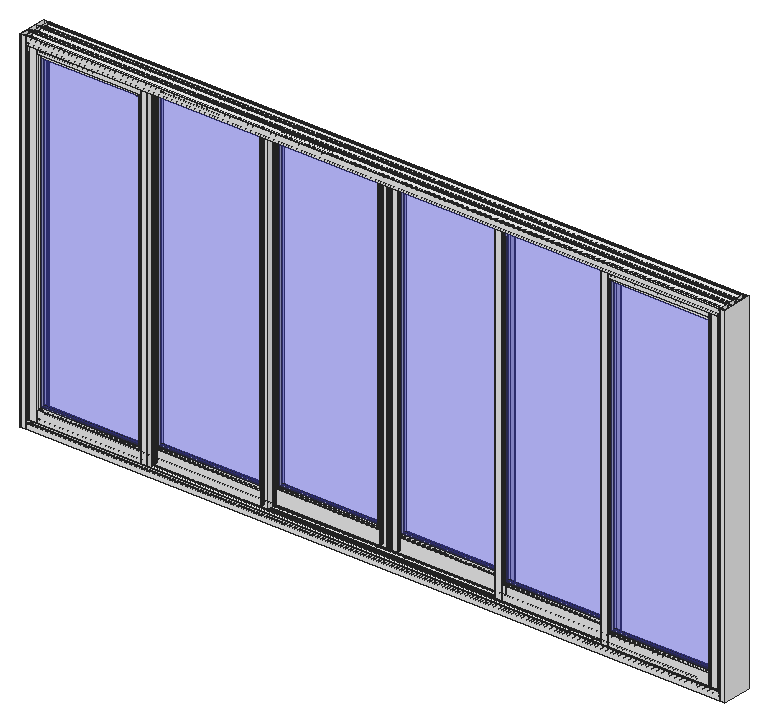
Revit family "Crealco Palace OXXXXO", category Doors, host Wall, Revit 2016
Family settings
  Host = Wall
  OmniClass Number = 23.30.20.00
  OmniClass Title = Windows
  Always vertical = Yes
  Cut with Voids When Loaded = No
  Shared = No
  Room Calculation Point = No
Parameters (values of type "4190 x 2090mm (Palace-4221OXXXXO)")
  f [instance] = if(L > 411.5 mm, L / 240 mm + 0.6, L / 175 mm)  # 1.1943
  b [instance] = Sash Width  # 714.033 mm
  a [instance] = Sash Width  # 714.033 mm
  Standard Interlock Ix = 25.866  # constant formula
  Standard Interlock [instance] = if(Ix < Standard Interlock Ix, 1 = 1, 1 = 0)  # yes
  Standard Astragal Ix = 25.113  # constant formula
  Standard Astragal [instance] = if(Ix < Standard Astragal Ix, 1 = 1, 1 = 0)  # yes
  Single Glazing [instance] = if(not(Glazing Thickness > 12 mm), 1 = 1, 1 = 0)  # no
  Sash Width [instance] = ((Width - Sash Side Gap) / 6) + 21.2 mm  # 714.033 mm
  Sash Top Gap = 28 mm  # constant formula
  Sash Side Gap = 33 mm  # constant formula
  Sash Middle Side Gap [instance] = Sash Side Gap + Sash Width - 40 mm  # 707.033 mm
  Sash Height [instance] = Height - Sash Top Gap - Sash Bottom Gap  # 2031 mm
  Sash Front Side Gap [instance] = Sash Side Gap + (2 * Sash Width) - (2 * 40 mm)  # 1381.067 mm
  Sash Bottom Gap = 31 mm  # constant formula
  Heavy Duty Interlock [instance] = not(Standard Interlock)  # no
  Heavy Duty Astragal [instance] = not(Standard Astragal)  # no
  Double Glazing [instance] = not(Single Glazing)  # yes
  Door Width [instance] = 4190 mm
  Door Height [instance] = 2090 mm
  Wind Load [instance] = 1000
  Width [instance] = if(Standard Size, Standard Width, if(Enforce Size Limitations, if(Door Width > Limit Window Width Max, Limit Window Width Max, if(Door Width < Limit Window Width Min, Limit Window Width Min, Door Width)), Door Width))  # 4190 mm
  Wall Thickness [instance] = 200 mm
  W [instance] = Design Wind Load  # 1000
  URL = "https://www.crealco.co.za/crealco-products.php"
  Type Comments = "Palace-4221OXXXXO"
  Standard Width = 4190 mm
  Standard Size = yes
  Standard Height = 2090 mm
  Show Opening Lines [instance] = yes
  Show Inertia Warnings [instance] = yes
  Q_RHS [instance] = W * A_RHS  # 618.7039
  Q_LHS [instance] = W * A_LHS  # 618.7039
  Model = "Palace"  # constant formula
  Min Wind Load = 0  # constant formula
  Max Wind Load = 10000  # constant formula
  Manufacturer = "Crealco"  # constant formula
  Limit Window Width Min = (6 * (Limit Sash Width Min - 21.2 mm)) + (Sash Side Gap)  # 1705.8 mm
  Limit Window Width Max = (6 * (Limit Sash Width Max - 21.2 mm)) + (Sash Side Gap)  # 8905.8 mm
  Limit Window Height Min = Limit Sash Height Min + Sash Top Gap + Sash Bottom Gap  # 359 mm
  Limit Window Height Max = Limit Sash Height Max + Sash Top Gap + Sash Bottom Gap  # 2459 mm
  Limit Sash Width Min = 300 mm  # constant formula
  Limit Sash Width Max = 1500 mm  # constant formula
  Limit Sash Height Min = 300 mm  # constant formula
  Limit Sash Height Max = 2400 mm  # constant formula
  Limit Glazing Thickness Min = 6.3 mm  # constant formula
  Limit Glazing Thickness Max = 25 mm  # constant formula
  L [instance] = Height / 10  # 209 mm
  Ix_RHS [instance] = if((b / 10) < L, (((Q_RHS * (L ^ 4)) / (1920.00 m³ * (L - C_RHS) * E * f)) * (25 - 40 * (C_RHS ^ 2) / (L ^ 2) + 16 * (C_RHS ^ 4) / (L ^ 4))) * (10 * 10 ^ 8), ((Q_RHS * L ^ 3) / (60.00 m³ * E * f)) * (10 * 10 ^ 8))  # 10.1202
  Ix_LHS [instance] = if((a / 10) < L, (((Q_LHS * (L ^ 4)) / (1920.00 m³ * (L - C_LHS) * E * f)) * (25 - 40 * (C_LHS ^ 2) / (L ^ 2) + 16 * (C_LHS ^ 4) / (L ^ 4))) * (10 * 10 ^ 8), ((Q_LHS * L ^ 3) / (60.00 m³ * E * f)) * (10 * 10 ^ 8))  # 10.1202
  Ix [instance] = Ix_LHS + Ix_RHS  # 20.2404
  Height [instance] = if(Standard Size, Standard Height, if(Enforce Size Limitations, if(Door Height > Limit Window Height Max, Limit Window Height Max, if(Door Height < Limit Window Height Min, Limit Window Height Min, Door Height)), Door Height))  # 2090 mm
  Glazing Thickness [instance] = 20 mm
  Glazing Finish [instance] = Glass
  Frame Offset From Exterior [instance] = 30 mm
  Frame Offset [instance] = if(Frame Centered In Wall, Wall Thickness / 2, Frame Offset From Exterior + 14 mm)  # 100 mm
  Frame Centered In Wall [instance] = yes
  Enforce Size Limitations [instance] = yes
  E [instance] = 7 * (10 ^ 6)  # 7000000
  Design Wind Load [instance] = if(Wind Load < Min Wind Load, Min Wind Load, if(Wind Load > Max Wind Load, Max Wind Load, Wind Load))  # 1000
  Design Glazing Thickness [instance] = if(Glazing Thickness < Limit Glazing Thickness Min, Limit Glazing Thickness Min, if(Glazing Thickness > Limit Glazing Thickness Max, Limit Glazing Thickness Max, Glazing Thickness))  # 20 mm
  Description = "High Performance Sliding Door"  # constant formula
  Default Sill Height = 0 mm  # constant formula
  Wall Closure = By host
  C_RHS [instance] = b / 20  # 35.702 mm
  C_LHS [instance] = a / 20  # 35.702 mm
  Aluminium Finish [instance] = White Powder Coated Aluminium ANP 1052
  A_RHS [instance] = (if((b / 10) < L, L * C_RHS - (C_RHS ^ 2), 0.5 * L * C_RHS)) / 0.01 m²  # 0.6187
  A_LHS [instance] = (if((a / 10) < L, L * C_LHS - (C_LHS ^ 2), 0.5 * L * C_LHS)) / 0.01 m²  # 0.6187
Reference planes
  plane 1 "Center (Front/Back)": y = 0
  plane 2 "Center (Left/Right)": x = 0
  plane 3 "Left": x = -2095
  plane 4 "Right": x = 2095
  plane 5 "Sill": z = 0
  plane 6 "Head": z = 2090
  plane 7 "Exterior": y = 100
  plane 8 "Interior": y = -100
  plane 9: y = 0
  plane 10: x = 2062
  plane 11: x = -2062
  plane 12: z = 2062
  plane 13: z = 31
  plane 14: x = 1387.967
  plane 15: x = 713.933
  plane 16: x = -1387.967
  plane 17: x = -713.933
Lines and regions (mm)
  Opening 1
    outline origin (3469.517, -100, 0) x (1, 0, 0) y (0, 0, 1)
      loop
        line (-1374.517, 0) -> (-1374.517, 2090) -> (-5564.517, 2090) -> (-5564.517, 0) -> (-1374.517, 0)
Text (mm)
  text "EXTERIOR" at (-1963.203, 1332.353, 0), in view "Ref. Level"
  text "INTERIOR" at (-1981.466, -818.386, 0), in view "Ref. Level"
  text "Exterior" at (0, 923.751, 2943.296), in view "Right"
  text "Exterior" at (0, 1040.484, 2685.409), in view "Left"
Dimensions and locks
  equal spacing: plane 3 "Left", plane 2 "Center (Left/Right)", plane 4 "Right"
  "Width": plane 3 "Left" to plane 4 "Right"
  "Height": plane 5 "Sill" to plane 6 "Head"
  "Default Sill Height": plane 5 "Sill" to level
  locked: plane 7 "Exterior" to host wall at 0
  locked: plane 8 "Interior" to host wall
  "Wall Thickness": host wall to host wall
  "Frame Offset": host wall to plane 9
  "Sash Side Gap": plane 3 "Left" to plane 11
  "Sash Side Gap": plane 10 to plane 4 "Right"
  "Sash Bottom Gap": plane 5 "Sill" to plane 13
  "Sash Top Gap": plane 12 to plane 6 "Head"
  "Sash Middle Side Gap": plane 14 to plane 4 "Right"
  "Sash Front Side Gap": plane 15 to plane 4 "Right"
  "Sash Middle Side Gap": plane 3 "Left" to plane 16
  "Sash Front Side Gap": plane 3 "Left" to plane 17
  aligned and locked: nested 1 to plane 2 "Center (Left/Right)"
  aligned and locked: nested 1 to plane 9
  aligned and locked: level to nested 1
  aligned and locked: plane 10 to nested 2
  aligned and locked: nested 2 to plane 12
  aligned and locked: nested 2 to nested 1
  aligned and locked: plane 14 to nested 3
  aligned and locked: nested 1 to nested 3
  aligned and locked: nested 3 to plane 12
  aligned and locked: nested 4 to plane 12
  aligned and locked: nested 4 to nested 1
  aligned and locked: plane 15 to nested 4
  aligned and locked: nested 5 to plane 11
  aligned and locked: nested 5 to plane 12
  aligned and locked: nested 5 to nested 1
  aligned and locked: nested 6 to plane 16
  aligned and locked: nested 6 to plane 12
  aligned and locked: nested 1 to nested 6
  aligned and locked: nested 7 to plane 17
  aligned and locked: plane 12 to nested 7
  aligned and locked: nested 7 to nested 1
Automatic sketch dimensions
  Opening 1 sketch curve to plane 3 "Left" = 0 mm
  Opening 1 sketch curve to plane 4 "Right" = 0 mm
  Opening 1 sketch curve to plane 5 "Sill" = 0 mm
  Opening 1 sketch curve to plane 6 "Head" = 0 mm
Nested families
  nested 1: "Palace Triple Track Frame" at (0, 0, 0), Frame Height <- "Height", Frame Width <- "Width", Profile Material <- "Aluminium Finish", type "Palace Triple Track Frame"
    with Sill Length 4130 mm, Profile Material White Powder Coated Aluminium ANP 1052, Jamb Length 2090 mm, Jamb Adaptor Length 2021.2 mm, Jamb Adaptor Front Right no, Jamb Adaptor Front Left no, Jamb Adaptor Back Right yes, Jamb Adaptor Back Left yes, Head Length 4130 mm, Frame Width 4190 mm, Frame Height 2090 mm, Floor Track Middle yes, Floor Track Length 4130 mm, Floor Track Front yes
  nested 2: "Palace Sash" at (1704.983, -55, 31), Profile Material <- "Aluminium Finish", Glazing Material <- "Glazing Finish", Glazing Thickness <- "Glazing Thickness", Sash Height <- "Sash Height", Sash Width <- "Sash Width", Double Glazing <- "Double Glazing", Side 1 Interlock 2 <- "Standard Interlock", Side 1 Interlock 2 HD <- "Heavy Duty Interlock", type "Palace Sash"
    with Single Glazing no, Sill Length 614.033 mm, Side 2 Meeting Stile no, Side 2 Jamb yes, Side 2 Interlock 2 HD no, Side 2 Interlock 2 no, Side 2 Interlock 1 HD no, Side 2 Interlock 1 no, Side 2 Astragal HD no, Side 2 Astragal no, Side 1 Meeting Stile no, Side 1 Jamb no, Side 1 Interlock 2 HD no, Side 1 Interlock 2 yes, Side 1 Interlock 1 HD no, Side 1 Interlock 1 no, Side 1 Astragal HD no, Side 1 Astragal no, Sash Width 714.033 mm, Sash Height 2031 mm, Right Sliding no, Profile Material White Powder Coated Aluminium ANP 1052, Left Sliding no, Jamb Length 2031 mm, Head Sill Side 2 Gap 60 mm, Head Sill Side 1 Gap 40 mm, Head Length 614.033 mm, Glazing Width 604.033 mm, Glazing Thickness 20 mm, Glazing Offset 22.2 mm, Glazing Material Glass, Glazing Height 1886 mm, Double Glazing yes, DG Thickness 20 mm
  nested 3: "Palace Sash" at (1030.95, 0, 31), Profile Material <- "Aluminium Finish", Glazing Material <- "Glazing Finish", Glazing Thickness <- "Glazing Thickness", Sash Height <- "Sash Height", Sash Width <- "Sash Width", Double Glazing <- "Double Glazing", Side 1 Interlock 2 <- "Standard Interlock", Side 1 Interlock 2 HD <- "Heavy Duty Interlock", Side 2 Interlock 1 <- "Standard Interlock", Side 2 Interlock 1 HD <- "Heavy Duty Interlock", Left Sliding <- "Show Opening Lines", type "Palace Sash"
    with Single Glazing no, Sill Length 634.033 mm, Side 2 Meeting Stile no, Side 2 Jamb no, Side 2 Interlock 2 HD no, Side 2 Interlock 2 no, Side 2 Interlock 1 HD no, Side 2 Interlock 1 yes, Side 2 Astragal HD no, Side 2 Astragal no, Side 1 Meeting Stile no, Side 1 Jamb no, Side 1 Interlock 2 HD no, Side 1 Interlock 2 yes, Side 1 Interlock 1 HD no, Side 1 Interlock 1 no, Side 1 Astragal HD no, Side 1 Astragal no, Sash Width 714.033 mm, Sash Height 2031 mm, Right Sliding no, Profile Material White Powder Coated Aluminium ANP 1052, Left Sliding yes, Jamb Length 2031 mm, Head Sill Side 2 Gap 40 mm, Head Sill Side 1 Gap 40 mm, Head Length 634.033 mm, Glazing Width 624.033 mm, Glazing Thickness 20 mm, Glazing Offset 22.2 mm, Glazing Material Glass, Glazing Height 1886 mm, Double Glazing yes, DG Thickness 20 mm
  nested 4: "Palace Sash" at (356.917, 55, 31), Profile Material <- "Aluminium Finish", Glazing Material <- "Glazing Finish", Glazing Thickness <- "Glazing Thickness", Sash Height <- "Sash Height", Sash Width <- "Sash Width", Double Glazing <- "Double Glazing", Left Sliding <- "Show Opening Lines", Side 2 Interlock 1 <- "Standard Interlock", Side 2 Interlock 1 HD <- "Heavy Duty Interlock", Side 1 Astragal <- "Standard Astragal", Side 1 Astragal HD <- "Heavy Duty Astragal", type "Palace Sash"
    with Single Glazing no, Sill Length 622.033 mm, Side 2 Meeting Stile no, Side 2 Jamb no, Side 2 Interlock 2 HD no, Side 2 Interlock 2 no, Side 2 Interlock 1 HD no, Side 2 Interlock 1 yes, Side 2 Astragal HD no, Side 2 Astragal no, Side 1 Meeting Stile yes, Side 1 Jamb no, Side 1 Interlock 2 HD no, Side 1 Interlock 2 no, Side 1 Interlock 1 HD no, Side 1 Interlock 1 no, Side 1 Astragal HD no, Side 1 Astragal yes, Sash Width 714.033 mm, Sash Height 2031 mm, Right Sliding no, Profile Material White Powder Coated Aluminium ANP 1052, Left Sliding yes, Jamb Length 2031 mm, Head Sill Side 2 Gap 40 mm, Head Sill Side 1 Gap 52 mm, Head Length 622.033 mm, Glazing Width 612.033 mm, Glazing Thickness 20 mm, Glazing Offset 22.2 mm, Glazing Material Glass, Glazing Height 1886 mm, Double Glazing yes, DG Thickness 20 mm
  nested 5: "Palace Sash" at (-1704.983, -55, 31), Profile Material <- "Aluminium Finish", Glazing Material <- "Glazing Finish", Glazing Thickness <- "Glazing Thickness", Sash Height <- "Sash Height", Sash Width <- "Sash Width", Double Glazing <- "Double Glazing", Side 2 Interlock 2 <- "Standard Interlock", Side 2 Interlock 2 HD <- "Heavy Duty Interlock", type "Palace Sash"
    with Single Glazing no, Sill Length 614.033 mm, Side 2 Meeting Stile no, Side 2 Jamb no, Side 2 Interlock 2 HD no, Side 2 Interlock 2 yes, Side 2 Interlock 1 HD no, Side 2 Interlock 1 no, Side 2 Astragal HD no, Side 2 Astragal no, Side 1 Meeting Stile no, Side 1 Jamb yes, Side 1 Interlock 2 HD no, Side 1 Interlock 2 no, Side 1 Interlock 1 HD no, Side 1 Interlock 1 no, Side 1 Astragal HD no, Side 1 Astragal no, Sash Width 714.033 mm, Sash Height 2031 mm, Right Sliding no, Profile Material White Powder Coated Aluminium ANP 1052, Left Sliding no, Jamb Length 2031 mm, Head Sill Side 2 Gap 40 mm, Head Sill Side 1 Gap 60 mm, Head Length 614.033 mm, Glazing Width 604.033 mm, Glazing Thickness 20 mm, Glazing Offset 22.2 mm, Glazing Material Glass, Glazing Height 1886 mm, Double Glazing yes, DG Thickness 20 mm
  nested 6: "Palace Sash" at (-1030.95, 0, 31), Profile Material <- "Aluminium Finish", Glazing Material <- "Glazing Finish", Glazing Thickness <- "Glazing Thickness", Sash Height <- "Sash Height", Sash Width <- "Sash Width", Double Glazing <- "Double Glazing", Side 1 Interlock 1 <- "Standard Interlock", Side 1 Interlock 1 HD <- "Heavy Duty Interlock", Side 2 Interlock 2 <- "Standard Interlock", Side 2 Interlock 2 HD <- "Heavy Duty Interlock", Right Sliding <- "Show Opening Lines", type "Palace Sash"
    with Single Glazing no, Sill Length 634.033 mm, Side 2 Meeting Stile no, Side 2 Jamb no, Side 2 Interlock 2 HD no, Side 2 Interlock 2 yes, Side 2 Interlock 1 HD no, Side 2 Interlock 1 no, Side 2 Astragal HD no, Side 2 Astragal no, Side 1 Meeting Stile no, Side 1 Jamb no, Side 1 Interlock 2 HD no, Side 1 Interlock 2 no, Side 1 Interlock 1 HD no, Side 1 Interlock 1 yes, Side 1 Astragal HD no, Side 1 Astragal no, Sash Width 714.033 mm, Sash Height 2031 mm, Right Sliding yes, Profile Material White Powder Coated Aluminium ANP 1052, Left Sliding no, Jamb Length 2031 mm, Head Sill Side 2 Gap 40 mm, Head Sill Side 1 Gap 40 mm, Head Length 634.033 mm, Glazing Width 624.033 mm, Glazing Thickness 20 mm, Glazing Offset 22.2 mm, Glazing Material Glass, Glazing Height 1886 mm, Double Glazing yes, DG Thickness 20 mm
  nested 7: "Palace Sash" at (-356.917, 55, 31), Profile Material <- "Aluminium Finish", Glazing Material <- "Glazing Finish", Glazing Thickness <- "Glazing Thickness", Sash Height <- "Sash Height", Sash Width <- "Sash Width", Double Glazing <- "Double Glazing", Side 1 Interlock 1 <- "Standard Interlock", Side 1 Interlock 1 HD <- "Heavy Duty Interlock", Right Sliding <- "Show Opening Lines", type "Palace Sash"
    with Single Glazing no, Sill Length 622.033 mm, Side 2 Meeting Stile yes, Side 2 Jamb no, Side 2 Interlock 2 HD no, Side 2 Interlock 2 no, Side 2 Interlock 1 HD no, Side 2 Interlock 1 no, Side 2 Astragal HD no, Side 2 Astragal no, Side 1 Meeting Stile no, Side 1 Jamb no, Side 1 Interlock 2 HD no, Side 1 Interlock 2 no, Side 1 Interlock 1 HD no, Side 1 Interlock 1 yes, Side 1 Astragal HD no, Side 1 Astragal no, Sash Width 714.033 mm, Sash Height 2031 mm, Right Sliding yes, Profile Material White Powder Coated Aluminium ANP 1052, Left Sliding no, Jamb Length 2031 mm, Head Sill Side 2 Gap 52 mm, Head Sill Side 1 Gap 40 mm, Head Length 622.033 mm, Glazing Width 612.033 mm, Glazing Thickness 20 mm, Glazing Offset 22.2 mm, Glazing Material Glass, Glazing Height 1886 mm, Double Glazing yes, DG Thickness 20 mm
  nested 8: "Palace Double Glazing" at (1997, -44.8, 121), type "Palace Double Glazing"
    with Right Sliding no, Length Arrow Tip 50.852 mm, Length Arrow 167.811 mm, Left Sliding no, Is Sliding no, Glazing Width 604.033 mm, Glazing Thickness DG 4 mm, Glazing Thickness 20 mm, Glazing Material Glass, Glazing Height 1886 mm, Double Glazing Gasket Thickness 12 mm, Double Glazing Gasket Material none, Arrow Tip Length 50.852 mm, Arrow Left Gap 218.111 mm, Arrow Bottom Gap 943 mm
  nested 9: "Palace Double Glazing" at (1342.967, 10.2, 121), type "Palace Double Glazing"
    with Right Sliding yes, Length Arrow Tip 52.872 mm, Length Arrow 174.478 mm, Left Sliding no, Is Sliding yes, Glazing Width 624.033 mm, Glazing Thickness DG 4 mm, Glazing Thickness 20 mm, Glazing Material Glass, Glazing Height 1886 mm, Double Glazing Gasket Thickness 12 mm, Double Glazing Gasket Material none, Arrow Tip Length 52.872 mm, Arrow Left Gap 224.778 mm, Arrow Bottom Gap 943 mm
  nested 10: "Palace Double Glazing" at (668.933, 65.2, 121), type "Palace Double Glazing"
    with Right Sliding yes, Length Arrow Tip 51.66 mm, Length Arrow 170.478 mm, Left Sliding no, Is Sliding yes, Glazing Width 612.033 mm, Glazing Thickness DG 4 mm, Glazing Thickness 20 mm, Glazing Material Glass, Glazing Height 1886 mm, Double Glazing Gasket Thickness 12 mm, Double Glazing Gasket Material none, Arrow Tip Length 51.66 mm, Arrow Left Gap 220.778 mm, Arrow Bottom Gap 943 mm
  nested 11: "Palace Double Glazing" at (-1392.967, -44.8, 121), type "Palace Double Glazing"
    with Right Sliding no, Length Arrow Tip 50.852 mm, Length Arrow 167.811 mm, Left Sliding no, Is Sliding no, Glazing Width 604.033 mm, Glazing Thickness DG 4 mm, Glazing Thickness 20 mm, Glazing Material Glass, Glazing Height 1886 mm, Double Glazing Gasket Thickness 12 mm, Double Glazing Gasket Material none, Arrow Tip Length 50.852 mm, Arrow Left Gap 218.111 mm, Arrow Bottom Gap 943 mm
  nested 12: "Palace Double Glazing" at (-718.933, 10.2, 121), type "Palace Double Glazing"
    with Right Sliding no, Length Arrow Tip 52.872 mm, Length Arrow 174.478 mm, Left Sliding yes, Is Sliding yes, Glazing Width 624.033 mm, Glazing Thickness DG 4 mm, Glazing Thickness 20 mm, Glazing Material Glass, Glazing Height 1886 mm, Double Glazing Gasket Thickness 12 mm, Double Glazing Gasket Material none, Arrow Tip Length 52.872 mm, Arrow Left Gap 224.778 mm, Arrow Bottom Gap 943 mm
  nested 13: "Palace Double Glazing" at (-56.9, 65.2, 121), type "Palace Double Glazing"
    with Right Sliding no, Length Arrow Tip 51.66 mm, Length Arrow 170.478 mm, Left Sliding yes, Is Sliding yes, Glazing Width 612.033 mm, Glazing Thickness DG 4 mm, Glazing Thickness 20 mm, Glazing Material Glass, Glazing Height 1886 mm, Double Glazing Gasket Thickness 12 mm, Double Glazing Gasket Material none, Arrow Tip Length 51.66 mm, Arrow Left Gap 220.778 mm, Arrow Bottom Gap 943 mm
Definition of nested family "Palace Triple Track Frame"
  Parameters (values of type "Palace Triple Track Frame")
    Sill Length [instance] = Frame Width - (2 * Head Sill Side Gap)  # 940 mm
    Sash Offset = 55 mm  # constant formula
    Profile Material [instance] = none
    Jamb Adaptor Length [instance] = Frame Height - Head Thickness - 23.8 mm  # 931.2 mm
    Sill Thickness = 50 mm  # constant formula
    Jamb Adaptor Front Right [instance] = yes
    Jamb Adaptor Front Left [instance] = yes
    Jamb Adaptor Back Right [instance] = yes
    Jamb Adaptor Back Left [instance] = yes
    Head Thickness = 45 mm  # constant formula
    Head Sill Side Gap = 30 mm  # constant formula
    Jamb Length [instance] = Frame Height  # 1000 mm
    Head Length [instance] = Frame Width - (2 * Head Sill Side Gap)  # 940 mm
    Frame Width [instance] = 1000 mm
    Frame Height [instance] = 1000 mm
    Floor Track Middle [instance] = yes
    Floor Track Length [instance] = Frame Width - (2 * Head Sill Side Gap)  # 940 mm
    Floor Track Front [instance] = yes
  Reference planes
    plane 1 "Center (Front/Back)": y = 0
    plane 2: z = 0
    plane 3 "Center (Left/Right)": x = 0
    plane 4: x = -500
    plane 5: x = 500
    plane 6: z = 1000
    plane 7: z = 500
    plane 8: x = -470
    plane 9: x = 470
    plane 10: y = 55
    plane 11: y = -55
    plane 12: z = 955
    plane 13: z = 50
  Dimensions and locks
    equal spacing: plane 4, plane 3 "Center (Left/Right)", plane 5
    "Frame Width": plane 4 to plane 5
    equal spacing: plane 6, plane 7, level
    "Frame Height": plane 6 to level
    "Head Sill Side Gap": plane 9 to plane 5
    "Head Sill Side Gap": plane 4 to plane 8
    "Sash Offset": plane 11 to plane 1 "Center (Front/Back)"
    "Sash Offset": plane 1 "Center (Front/Back)" to plane 10
    "Head Thickness": plane 12 to plane 6
    "Sill Thickness": plane 13 to level
    aligned and locked: level to plane 2
    aligned and locked: plane 8 to nested 1
    aligned and locked: nested 1 to plane 6
    aligned and locked: plane 1 "Center (Front/Back)" to nested 1
    aligned and locked: plane 8 to nested 2
    aligned and locked: plane 1 "Center (Front/Back)" to nested 2
    aligned and locked: plane 2 to nested 2
    aligned and locked: nested 4 to plane 5
    aligned and locked: nested 3 to plane 4
    aligned and locked: nested 3 to plane 2
    aligned and locked: nested 4 to plane 2
    aligned and locked: plane 1 "Center (Front/Back)" to nested 3
    aligned and locked: nested 4 to plane 1 "Center (Front/Back)"
    aligned and locked: plane 8 to nested 5
    aligned and locked: nested 6 to plane 9
    aligned and locked: plane 12 to nested 5
    aligned and locked: plane 12 to nested 6
    aligned and locked: nested 5 to plane 10
    aligned and locked: nested 6 to plane 10
    aligned and locked: plane 1 "Center (Front/Back)" to nested 7
    aligned and locked: nested 7 to nested 2
    aligned and locked: nested 8 to nested 2
    aligned and locked: plane 8 to nested 8
    aligned and locked: plane 8 to nested 7
    aligned and locked: plane 8 to nested 10
    aligned and locked: nested 9 to plane 9
    aligned and locked: plane 12 to nested 9
    aligned and locked: plane 12 to nested 10
    aligned and locked: nested 9 to plane 11
    aligned and locked: nested 10 to plane 11
  Nested families
    nested 1: "Palace Triple Track Head" at (-470, 0, -1.436), Profile Material <- "Profile Material", Head Length <- "Head Length", type "Palace Triple Track Head"
      with Profile Material none, Head Length 940 mm
    nested 2: "Palace Triple Track Sill" at (-470, 0, 0), Profile Material <- "Profile Material", Sill Length <- "Sill Length", type "Palace Triple Track Sill"
      with Sill Length 940 mm, Profile Material none
    nested 3: "Palace Triple Track Jamb" at (-484.5, 0, 0), Profile Material <- "Profile Material", Jamb Length <- "Jamb Length", type "Palace Triple Track Jamb"
      with Profile Material none, Jamb Length 1000 mm
    nested 4: "Palace Triple Track Jamb" at (484.5, 0, 0) x (-1, 0, 0) z (0, 0, 1), Profile Material <- "Profile Material", Jamb Length <- "Jamb Length", type "Palace Triple Track Jamb"
      with Profile Material none, Jamb Length 1000 mm
    nested 5: "Palace Jamb Adpator" at (-470, 24.5, 23.8), Profile Material <- "Profile Material", Jamb Adaptor Length <- "Jamb Adaptor Length", visible <- "Jamb Adaptor Front Right", type "Palace Jamb Adpator"
      with Profile Material none, Jamb Adaptor Length 931.2 mm
    nested 6: "Palace Jamb Adpator" at (470, 85.5, 23.8) x (-1, 0, 0) z (0, 0, 1), Profile Material <- "Profile Material", Jamb Adaptor Length <- "Jamb Adaptor Length", visible <- "Jamb Adaptor Front Left", type "Palace Jamb Adpator"
      with Profile Material none, Jamb Adaptor Length 931.2 mm
    nested 7: "Palace Floor Track" at (-470, 0, 16.444), Profile Material <- "Profile Material", Length Floor Track <- "Floor Track Length", visible <- "Floor Track Middle", type "Palace Floor Track"
      with Profile Material none, Length Floor Track 940 mm
    nested 8: "Palace Floor Track" at (-470, 55, 16.444), Profile Material <- "Profile Material", Length Floor Track <- "Floor Track Length", visible <- "Floor Track Front", type "Palace Floor Track"
      with Profile Material none, Length Floor Track 940 mm
    nested 9: "Palace Jamb Adpator Cutout 1" at (470, -24.5, 23.8) x (-1, 0, 0) z (0, 0, 1), Jamb Adaptor Length <- "Jamb Adaptor Length", Profile Material <- "Profile Material", visible <- "Jamb Adaptor Back Left", type "Palace Jamb Adpator Cutout 1"
      with Profile Material none, Jamb Adaptor Length 931.2 mm
    nested 10: "Palace Jamb Adpator Cutout 2" at (-470, -85.5, 23.8), visible <- "Jamb Adaptor Back Right", Profile Material <- "Profile Material", Jamb Adaptor Length <- "Jamb Adaptor Length", type "Palace Jamb Adpator Cutout 2"
      with Profile Material none, Jamb Adaptor Length 931.2 mm
  Definition of nested family "Palace Triple Track Head"
    Parameters (values of type "Palace Triple Track Head")
      Profile Material [instance] = none
      Head Thickness = 45 mm  # constant formula
      Head Length [instance] = 250 mm
      Head Depth = 171 mm  # constant formula
    Reference planes
      plane 1 "Center (Front/Back)": y = 0
      plane 2: z = 0
      plane 3 "Center (Left/Right)": x = 0
      plane 4: y = -85.5
      plane 5: y = 85.5
      plane 6: z = 1001.436
      plane 7: z = 956.436
      plane 8: z = 978.936
      plane 9: x = 250
    Forms (mm)
      Extrusion 1, solid, material <- "Profile Material"
        sketch origin (0, 0, 0) x (0, 1, 0) y (0, 0, 1)
          loop
            arc (30.217, 1000.036) -> (30.137, 1000.984) -> (29.3, 1001.436) r 1
            line (29.3, 1001.436) -> (27.5, 1001.436) -> (25.7, 1001.436)
            arc (25.7, 1001.436) -> (24.863, 1000.984) -> (24.783, 1000.036) r 1
            line (24.783, 1000.036) -> (26.7, 1000.036) -> (26.7, 993.236) -> (-26.7, 993.236) -> (-26.7, 1000.036) -> (-24.783, 1000.036)
            arc (-24.783, 1000.036) -> (-24.863, 1000.984) -> (-25.7, 1001.436) r 1
            line (-25.7, 1001.436) -> (-29.3, 1001.436)
            arc (-29.3, 1001.436) -> (-30.137, 1000.984) -> (-30.217, 1000.036) r 1
            line (-30.217, 1000.036) -> (-28.3, 1000.036) -> (-28.3, 993.236) -> (-83.3, 993.236)
            arc (-83.3, 993.236) -> (-83.724, 993.412) -> (-83.9, 993.836) r 0.6
            line (-83.9, 993.836) -> (-83.9, 999.436)
            arc (-83.9, 999.436) -> (-83.724, 999.86) -> (-83.3, 1000.036) r 0.6
            line (-83.3, 1000.036) -> (-79.783, 1000.036)
            arc (-79.783, 1000.036) -> (-79.863, 1000.984) -> (-80.7, 1001.436) r 1
            line (-80.7, 1001.436) -> (-85.5, 1001.436) -> (-85.5, 956.436) -> (-79.7, 956.436) -> (-79.7, 958.686)
            arc (-79.7, 958.686) -> (-80.2, 959.186) -> (-80.7, 958.686) r 0.5
            line (-80.7, 958.686) -> (-80.7, 957.686) -> (-81.9, 957.686) -> (-81.9, 959.186) -> (-83.5, 959.186) -> (-83.5, 963.686) -> (-81.9, 963.686) -> (-81.9, 965.186) -> (-80.7, 965.186) -> (-80.7, 964.186)
            arc (-80.7, 964.186) -> (-80.2, 963.686) -> (-79.7, 964.186) r 0.5
            line (-79.7, 964.186) -> (-79.7, 966.436) -> (-83.7, 966.436) -> (-83.7, 991.436) -> (-57.993, 991.436)
            arc (-57.993, 991.436) -> (-58.583, 989.091) -> (-57.557, 986.902) r 3.6
            arc (-57.557, 986.902) -> (-56.496, 986.897) -> (-56.492, 987.958) r 0.75
            arc (-56.492, 987.958) -> (-55, 991.536) -> (-53.508, 987.958) r 2.1
            arc (-53.508, 987.958) -> (-53.504, 986.897) -> (-52.443, 986.902) r 0.75
            arc (-52.443, 986.902) -> (-51.417, 989.091) -> (-52.007, 991.436) r 3.6
            line (-52.007, 991.436) -> (-28.4, 991.436) -> (-28.4, 966.436) -> (-30.3, 966.436) -> (-30.3, 964.186)
            arc (-30.3, 964.186) -> (-29.8, 963.686) -> (-29.3, 964.186) r 0.5
            line (-29.3, 964.186) -> (-29.3, 965.186) -> (-28.1, 965.186) -> (-28.1, 957.686) -> (-29.3, 957.686) -> (-29.3, 958.686)
            arc (-29.3, 958.686) -> (-29.8, 959.186) -> (-30.3, 958.686) r 0.5
            line (-30.3, 958.686) -> (-30.3, 956.436) -> (-24.7, 956.436) -> (-24.7, 958.686)
            arc (-24.7, 958.686) -> (-25.2, 959.186) -> (-25.7, 958.686) r 0.5
            line (-25.7, 958.686) -> (-25.7, 957.686) -> (-26.9, 957.686) -> (-26.9, 965.186) -> (-25.7, 965.186) -> (-25.7, 964.186)
            arc (-25.7, 964.186) -> (-25.2, 963.686) -> (-24.7, 964.186) r 0.5
            line (-24.7, 964.186) -> (-24.7, 966.436) -> (-26.6, 966.436) -> (-26.6, 991.436) -> (-2.993, 991.436)
            arc (-2.993, 991.436) -> (-3.583, 989.091) -> (-2.557, 986.902) r 3.6
            arc (-2.557, 986.902) -> (-1.496, 986.897) -> (-1.492, 987.958) r 0.75
            arc (-1.492, 987.958) -> (-1.929, 990.265) -> (0.045, 991.536) r 2.1
            arc (0.045, 991.536) -> (1.947, 990.223) -> (1.492, 987.958) r 2.1
            arc (1.492, 987.958) -> (1.496, 986.897) -> (2.557, 986.902) r 0.75
            arc (2.557, 986.902) -> (3.583, 989.091) -> (2.993, 991.436) r 3.6
            line (2.993, 991.436) -> (26.6, 991.436) -> (26.6, 966.436) -> (24.7, 966.436) -> (24.7, 964.186)
            arc (24.7, 964.186) -> (25.2, 963.686) -> (25.7, 964.186) r 0.5
            line (25.7, 964.186) -> (25.7, 965.186) -> (26.9, 965.186) -> (26.9, 957.686) -> (25.7, 957.686) -> (25.7, 958.686)
            arc (25.7, 958.686) -> (25.2, 959.186) -> (24.7, 958.686) r 0.5
            line (24.7, 958.686) -> (24.7, 956.436) -> (30.3, 956.436) -> (30.3, 958.686)
            arc (30.3, 958.686) -> (29.8, 959.186) -> (29.3, 958.686) r 0.5
            line (29.3, 958.686) -> (29.3, 957.686) -> (28.1, 957.686) -> (28.1, 965.186) -> (29.3, 965.186) -> (29.3, 964.186)
            arc (29.3, 964.186) -> (29.8, 963.686) -> (30.3, 964.186) r 0.5
            line (30.3, 964.186) -> (30.3, 966.436) -> (28.4, 966.436) -> (28.4, 991.436) -> (52.007, 991.436)
            arc (52.007, 991.436) -> (51.417, 989.091) -> (52.443, 986.902) r 3.6
            arc (52.443, 986.902) -> (53.504, 986.897) -> (53.508, 987.958) r 0.75
            arc (53.508, 987.958) -> (53.02, 990.136) -> (54.768, 991.523) r 2.1
            arc (54.768, 991.523) -> (56.891, 990.35) -> (56.492, 987.958) r 2.1
            arc (56.492, 987.958) -> (56.496, 986.897) -> (57.557, 986.902) r 0.75
            arc (57.557, 986.902) -> (58.583, 989.091) -> (57.993, 991.436) r 3.6
            line (57.993, 991.436) -> (83.7, 991.436) -> (83.7, 966.436) -> (79.7, 966.436) -> (79.7, 964.186)
            arc (79.7, 964.186) -> (80.2, 963.686) -> (80.7, 964.186) r 0.5
            line (80.7, 964.186) -> (80.7, 965.186) -> (81.9, 965.186) -> (81.9, 963.686) -> (83.5, 963.686) -> (83.5, 959.186) -> (81.9, 959.186) -> (81.9, 957.686) -> (80.7, 957.686) -> (80.7, 958.686)
            arc (80.7, 958.686) -> (80.2, 959.186) -> (79.7, 958.686) r 0.5
            line (79.7, 958.686) -> (79.7, 956.436) -> (85.5, 956.436) -> (85.5, 1001.436) -> (80.7, 1001.436)
            arc (80.7, 1001.436) -> (79.863, 1000.984) -> (79.783, 1000.036) r 1
            line (79.783, 1000.036) -> (83.3, 1000.036)
            arc (83.3, 1000.036) -> (83.724, 999.86) -> (83.9, 999.436) r 0.6
            line (83.9, 999.436) -> (83.9, 993.836)
            arc (83.9, 993.836) -> (83.724, 993.412) -> (83.3, 993.236) r 0.6
            line (83.3, 993.236) -> (28.3, 993.236) -> (28.3, 1000.036) -> (30.217, 1000.036)
        from 0 to 250 <- "Head Length"
    Dimensions and locks
      equal spacing: plane 4, plane 1 "Center (Front/Back)", plane 5
      "Head Depth": plane 4 to plane 5
      equal spacing: plane 6, plane 8, plane 7
      "Head Thickness": plane 6 to plane 7
      "Head Length": plane 3 "Center (Left/Right)" to plane 9
      aligned and locked: level to plane 2
    Automatic sketch dimensions
      Extrusion 1 sketch curve to Extrusion 1 sketch curve = 0 mm  (x51)
      plane 7 to Extrusion 1 sketch curve = 0 mm  (x3)
      Extrusion 1 sketch curve to plane 4 = 0 mm
      Extrusion 1 sketch curve to Extrusion 1 sketch curve = 1.6 mm  (x6)
      Extrusion 1 sketch curve to Extrusion 1 sketch curve = 0.2 mm
      Extrusion 1 sketch curve to Extrusion 1 sketch curve = 2 mm  (x2)
      Extrusion 1 sketch curve to Extrusion 1 sketch curve = 0.6 mm  (x2)
      Extrusion 1 sketch curve to plane 6 = 7.6 mm  (x2)
      Extrusion 1 sketch curve to Extrusion 1 sketch curve = 2.6 mm  (x2)
      Extrusion 1 sketch curve to Extrusion 1 sketch curve = 1.2 mm  (x11)
      Extrusion 1 sketch curve to Extrusion 1 sketch curve = 0.5 mm  (x16)
      Extrusion 1 sketch curve to Extrusion 1 sketch curve = 0.917 mm  (x5)
      Extrusion 1 sketch curve to plane 6 = 10 mm  (x5)
      Extrusion 1 sketch curve to Extrusion 1 sketch curve = 21.79 mm  (x3)
      Extrusion 1 sketch curve to Extrusion 1 sketch curve = 0.969 mm  (x2)
      Extrusion 1 sketch curve to Extrusion 1 sketch curve = 2.024 mm  (x4)
      Extrusion 1 sketch curve to Extrusion 1 sketch curve = 2.993 mm  (x2)
      plane 1 "Center (Front/Back)" to Extrusion 1 sketch curve = 30.3 mm  (x2)
      plane 1 "Center (Front/Back)" to Extrusion 1 sketch curve = 30.217 mm
      plane 1 "Center (Front/Back)" to Extrusion 1 sketch curve = 29.3 mm
      plane 1 "Center (Front/Back)" to Extrusion 1 sketch curve = 28.4 mm
      plane 1 "Center (Front/Back)" to Extrusion 1 sketch curve = 28.3 mm
      plane 1 "Center (Front/Back)" to Extrusion 1 sketch curve = 28.1 mm
      Extrusion 1 sketch curve to Extrusion 1 sketch curve = 1.8 mm  (x3)
      Extrusion 1 sketch curve to Extrusion 1 sketch curve = 1 mm  (x13)
      plane 5 to Extrusion 1 sketch curve = 60.8 mm
      Extrusion 1 sketch curve to plane 6 = 1.4 mm  (x3)
      Extrusion 1 sketch curve to Extrusion 1 sketch curve = 1.817 mm
      Extrusion 1 sketch curve to Extrusion 1 sketch curve = 0.8 mm
      plane 5 to Extrusion 1 sketch curve = 33.493 mm
      plane 5 to Extrusion 1 sketch curve = 32.524 mm
      plane 5 to Extrusion 1 sketch curve = 30.5 mm
      plane 5 to Extrusion 1 sketch curve = 28.476 mm
      plane 5 to Extrusion 1 sketch curve = 27.507 mm
      plane 7 to Extrusion 1 sketch curve = 2.25 mm
      plane 5 to Extrusion 1 sketch curve = 5.8 mm
      plane 5 to Extrusion 1 sketch curve = 5.717 mm
      Extrusion 1 sketch curve to plane 6 = 8.2 mm  (x2)
      Extrusion 1 sketch curve to Extrusion 1 sketch curve = 2.25 mm
      Extrusion 1 sketch curve to Extrusion 1 sketch curve = 1.25 mm  (x10)
      Extrusion 1 sketch curve to Extrusion 1 sketch curve = 4.5 mm  (x2)
      Extrusion 1 sketch curve to Extrusion 1 sketch curve = 5.5 mm  (x2)
      Extrusion 1 sketch curve to Extrusion 1 sketch curve = 1.5 mm  (x2)
      Extrusion 1 sketch curve to Extrusion 1 sketch curve = 4.006 mm  (x2)
      Extrusion 1 sketch curve to plane 6 = 14.006 mm
      Extrusion 1 sketch curve to Extrusion 1 sketch curve = 2.006 mm  (x3)
      Extrusion 1 sketch curve to plane 6 = 2 mm
      Extrusion 1 sketch curve to Extrusion 1 sketch curve = 0.4 mm  (x4)
      Extrusion 1 sketch curve to Extrusion 1 sketch curve = 0.045 mm
      Extrusion 1 sketch curve to Extrusion 1 sketch curve = 0.232 mm
  Definition of nested family "Palace Triple Track Sill"
    Parameters (values of type "Palace Triple Track Sill")
      Sill Thickness = 50 mm  # constant formula
      Sill Length [instance] = 250 mm
      Sill Depth = 171 mm  # constant formula
      Profile Material [instance] = none
    Reference planes
      plane 1 "Center (Front/Back)": y = 0
      plane 2: z = 0
      plane 3 "Center (Left/Right)": x = 0
      plane 4: y = -85.5
      plane 5: y = 85.5
      plane 6: z = 50
      plane 7: z = 25
    Forms (mm)
      Extrusion 1, solid, material <- "Profile Material"
        sketch origin (0, 0, 0) x (0, 1, 0) y (0, 0, 1)
          loop
            line (-41.65, 15.744) -> (-43.4, 15.744)
            arc (-43.4, 15.744) -> (-44.194, 15.929) -> (-44.825, 16.444) r 1.8
            line (-44.825, 16.444) -> (-67.65, 16.444)
            arc (-67.65, 16.444) -> (-68.074, 16.62) -> (-68.25, 17.044) r 0.6
            line (-68.25, 17.044) -> (-68.25, 19.405)
            arc (-68.25, 19.405) -> (-69.349, 22.158) -> (-72.041, 23.399) r 4
            line (-72.041, 23.399) -> (-82.752, 23.961)
            arc (-82.752, 23.961) -> (-83.425, 24.271) -> (-83.7, 24.959) r 1
            line (-83.7, 24.959) -> (-83.7, 40) -> (-79.7, 40) -> (-79.7, 42.25)
            arc (-79.7, 42.25) -> (-80.2, 42.75) -> (-80.7, 42.25) r 0.5
            line (-80.7, 42.25) -> (-80.7, 41.25) -> (-81.9, 41.25) -> (-81.9, 42.75) -> (-83.5, 42.75) -> (-83.5, 47.25) -> (-81.9, 47.25) -> (-81.9, 48.75) -> (-80.7, 48.75) -> (-80.7, 47.75)
            arc (-80.7, 47.75) -> (-80.2, 47.25) -> (-79.7, 47.75) r 0.5
            line (-79.7, 47.75) -> (-79.7, 50) -> (-85.5, 50) -> (-85.5, 0) -> (-80.7, 0)
            arc (-80.7, 0) -> (-79.863, 0.452) -> (-79.783, 1.4) r 1
            line (-79.783, 1.4) -> (-83.7, 1.4) -> (-83.7, 21.154)
            arc (-83.7, 21.154) -> (-83.388, 21.88) -> (-82.648, 22.153) r 1
            line (-82.648, 22.153) -> (-72.135, 21.602)
            arc (-72.135, 21.602) -> (-70.654, 20.919) -> (-70.05, 19.405) r 2.2
            line (-70.05, 19.405) -> (-70.05, 16.744)
            arc (-70.05, 16.744) -> (-69.435, 15.259) -> (-67.95, 14.644) r 2.1
            line (-67.95, 14.644) -> (-57.454, 14.644)
            arc (-57.454, 14.644) -> (-58.599, 12.082) -> (-57.557, 9.476) r 3.6
            arc (-57.557, 9.476) -> (-56.496, 9.471) -> (-56.492, 10.532) r 0.75
            arc (-56.492, 10.532) -> (-56.96, 12.764) -> (-55.115, 14.107) r 2.1
            arc (-55.115, 14.107) -> (-53.085, 12.871) -> (-53.508, 10.532) r 2.1
            arc (-53.508, 10.532) -> (-53.504, 9.471) -> (-52.443, 9.476) r 0.75
            arc (-52.443, 9.476) -> (-51.401, 12.082) -> (-52.546, 14.644) r 3.6
            line (-52.546, 14.644) -> (-45.536, 14.644)
            arc (-45.536, 14.644) -> (-44.521, 14.132) -> (-43.4, 13.944) r 3.787
            line (-43.4, 13.944) -> (-41.65, 13.944)
            arc (-41.65, 13.944) -> (-39.444, 14.74) -> (-38.156, 16.699) r 3.711
            arc (-38.156, 16.699) -> (-37.942, 17.02) -> (-37.576, 17.144) r 0.6
            line (-37.576, 17.144) -> (-28.3, 17.144) -> (-28.3, 1.41) -> (-30.217, 1.41)
            arc (-30.217, 1.41) -> (-30.137, 0.462) -> (-29.3, 0.01) r 1
            line (-29.3, 0.01) -> (-25.7, 0.01)
            arc (-25.7, 0.01) -> (-24.863, 0.462) -> (-24.783, 1.41) r 1
            line (-24.783, 1.41) -> (-26.7, 1.41) -> (-26.7, 17.144) -> (-15.643, 17.144)
            arc (-15.643, 17.144) -> (-15.234, 16.984) -> (-15.044, 16.589) r 0.6
            arc (-15.044, 16.589) -> (-14.379, 15.205) -> (-12.95, 14.644) r 2.1
            line (-12.95, 14.644) -> (-2.454, 14.644)
            arc (-2.454, 14.644) -> (-3.599, 12.082) -> (-2.557, 9.476) r 3.6
            arc (-2.557, 9.476) -> (-1.496, 9.471) -> (-1.492, 10.532) r 0.75
            arc (-1.492, 10.532) -> (-1.971, 12.734) -> (-0.179, 14.102) r 2.1
            arc (-0.179, 14.102) -> (1.902, 12.9) -> (1.492, 10.532) r 2.1
            arc (1.492, 10.532) -> (1.496, 9.471) -> (2.557, 9.476) r 0.75
            arc (2.557, 9.476) -> (3.599, 12.082) -> (2.454, 14.644) r 3.6
            line (2.454, 14.644) -> (9.464, 14.644)
            arc (9.464, 14.644) -> (10.479, 14.132) -> (11.6, 13.944) r 3.787
            line (11.6, 13.944) -> (13.35, 13.944)
            arc (13.35, 13.944) -> (15.473, 14.676) -> (16.785, 16.498) r 3.711
            arc (16.785, 16.498) -> (17.016, 16.806) -> (17.386, 16.91) r 0.6
            line (17.386, 16.91) -> (26.7, 16.422) -> (26.7, 1.4) -> (24.783, 1.4)
            arc (24.783, 1.4) -> (24.863, 0.452) -> (25.7, 0) r 1
            line (25.7, 0) -> (29.3, 0)
            arc (29.3, 0) -> (30.137, 0.452) -> (30.217, 1.4) r 1
            line (30.217, 1.4) -> (28.3, 1.4) -> (28.3, 16.339) -> (40.22, 15.714)
            arc (40.22, 15.714) -> (40.99, 14.931) -> (42.05, 14.644) r 2.1
            line (42.05, 14.644) -> (52.546, 14.644)
            arc (52.546, 14.644) -> (51.401, 12.082) -> (52.443, 9.476) r 3.6
            arc (52.443, 9.476) -> (53.504, 9.471) -> (53.508, 10.532) r 0.75
            arc (53.508, 10.532) -> (53.028, 12.732) -> (54.817, 14.102) r 2.1
            arc (54.817, 14.102) -> (56.901, 12.901) -> (56.492, 10.532) r 2.1
            arc (56.492, 10.532) -> (56.496, 9.471) -> (57.557, 9.476) r 0.75
            arc (57.557, 9.476) -> (58.599, 12.082) -> (57.454, 14.644) r 3.6
            line (57.454, 14.644) -> (66.219, 14.644) -> (66.954, 14.313) -> (83.131, 13.465)
            arc (83.131, 13.465) -> (83.535, 13.279) -> (83.7, 12.866) r 0.6
            line (83.7, 12.866) -> (83.7, 1.4) -> (79.783, 1.4)
            arc (79.783, 1.4) -> (79.863, 0.452) -> (80.7, 0) r 1
            line (80.7, 0) -> (85.5, 0) -> (85.5, 12.961)
            arc (85.5, 12.961) -> (84.868, 14.544) -> (83.32, 15.258) r 2.3
            line (83.32, 15.258) -> (68.74, 16.022) -> (67.95, 16.444) -> (42.05, 16.444) -> (41.466, 17.451) -> (13.776, 18.902)
            arc (13.776, 18.902) -> (13.236, 18.513) -> (13.498, 17.9) r 0.532
            line (13.498, 17.9) -> (15.149, 17.609)
            arc (15.149, 17.609) -> (14.646, 16.295) -> (13.35, 15.744) r 1.8
            line (13.35, 15.744) -> (11.6, 15.744)
            arc (11.6, 15.744) -> (10.806, 15.929) -> (10.175, 16.444) r 1.8
            line (10.175, 16.444) -> (-12.65, 16.444)
            arc (-12.65, 16.444) -> (-13.074, 16.62) -> (-13.25, 17.044) r 0.6
            line (-13.25, 17.044) -> (-13.25, 18.344)
            arc (-13.25, 18.344) -> (-13.426, 18.768) -> (-13.85, 18.944) r 0.6
            line (-13.85, 18.944) -> (-41.25, 18.944)
            arc (-41.25, 18.944) -> (-41.787, 18.522) -> (-41.502, 17.9) r 0.552
            line (-41.502, 17.9) -> (-39.851, 17.609)
            arc (-39.851, 17.609) -> (-40.354, 16.295) -> (-41.65, 15.744) r 1.8
        from 0 to 250 <- "Sill Length"
    Dimensions and locks
      equal spacing: plane 4, plane 1 "Center (Front/Back)", plane 5
      equal spacing: plane 6, plane 7, level
      "Sill Thickness": plane 6 to level
      "Sill Depth": plane 4 to plane 5
      aligned and locked: level to plane 2
    Automatic sketch dimensions
      Extrusion 1 sketch curve to Extrusion 1 sketch curve = 0 mm  (x32)
      Extrusion 1 sketch curve to plane 5 = 171 mm
      Extrusion 1 sketch curve to Extrusion 1 sketch curve = 1.8 mm  (x5)
      Extrusion 1 sketch curve to Extrusion 1 sketch curve = 2 mm
      Extrusion 1 sketch curve to plane 6 = 26.039 mm
      Extrusion 1 sketch curve to Extrusion 1 sketch curve = 0.948 mm
      Extrusion 1 sketch curve to Extrusion 1 sketch curve = 1 mm  (x13)
      Extrusion 1 sketch curve to plane 6 = 27.847 mm
      Extrusion 1 sketch curve to Extrusion 1 sketch curve = 0.052 mm
      Extrusion 1 sketch curve to Extrusion 1 sketch curve = 1.6 mm  (x6)
      Extrusion 1 sketch curve to Extrusion 1 sketch curve = 1.2 mm  (x2)
      Extrusion 1 sketch curve to Extrusion 1 sketch curve = 3 mm
      Extrusion 1 sketch curve to Extrusion 1 sketch curve = 0.5 mm  (x4)
      Extrusion 1 sketch curve to Extrusion 1 sketch curve = 0.917 mm  (x6)
      Extrusion 1 sketch curve to Extrusion 1 sketch curve = 10.45 mm
      Extrusion 1 sketch curve to plane 6 = 28.398 mm
      Extrusion 1 sketch curve to Extrusion 1 sketch curve = 0.115 mm  (x2)
      Extrusion 1 sketch curve to plane 6 = 26.601 mm
      Extrusion 1 sketch curve to Extrusion 1 sketch curve = 0.094 mm
      Extrusion 1 sketch curve to Extrusion 1 sketch curve = 2.2 mm
      Extrusion 1 sketch curve to Extrusion 1 sketch curve = 0.3 mm  (x5)
      Extrusion 1 sketch curve to plane 6 = 35.356 mm  (x3)
      Extrusion 1 sketch curve to Extrusion 1 sketch curve = 10.196 mm  (x2)
      Extrusion 1 sketch curve to plane 6 = 39.996 mm  (x6)
      Extrusion 1 sketch curve to Extrusion 1 sketch curve = 0.429 mm  (x3)
      Extrusion 1 sketch curve to plane 6 = 37.99 mm  (x3)
      Extrusion 1 sketch curve to Extrusion 1 sketch curve = 2.024 mm  (x6)
      Extrusion 1 sketch curve to Extrusion 1 sketch curve = 2.454 mm  (x3)
      Extrusion 1 sketch curve to Extrusion 1 sketch curve = 7.011 mm  (x2)
      Extrusion 1 sketch curve to Extrusion 1 sketch curve = 0.711 mm  (x2)
      Extrusion 1 sketch curve to Extrusion 1 sketch curve = 1.425 mm  (x2)
      Extrusion 1 sketch curve to Extrusion 1 sketch curve = 0.058 mm  (x2)
      Extrusion 1 sketch curve to Extrusion 1 sketch curve = 1.75 mm  (x3)
      Extrusion 1 sketch curve to plane 6 = 32.1 mm  (x2)
      Extrusion 1 sketch curve to Extrusion 1 sketch curve = 0.239 mm  (x2)
      Extrusion 1 sketch curve to Extrusion 1 sketch curve = 0.252 mm
      Extrusion 1 sketch curve to plane 6 = 32.391 mm  (x2)
      Extrusion 1 sketch curve to Extrusion 1 sketch curve = 1.399 mm
      Extrusion 1 sketch curve to Extrusion 1 sketch curve = 2.275 mm
      Extrusion 1 sketch curve to Extrusion 1 sketch curve = 7.359 mm
      Extrusion 1 sketch curve to plane 6 = 33.456 mm
      Extrusion 1 sketch curve to Extrusion 1 sketch curve = 11.057 mm
      Extrusion 1 sketch curve to Extrusion 1 sketch curve = 1.793 mm
      Extrusion 1 sketch curve to Extrusion 1 sketch curve = 0.6 mm  (x3)
      Extrusion 1 sketch curve to Extrusion 1 sketch curve = 2.136 mm
      Extrusion 1 sketch curve to Extrusion 1 sketch curve = 0.091 mm
      Extrusion 1 sketch curve to Extrusion 1 sketch curve = 0.25 mm
      Extrusion 1 sketch curve to plane 6 = 31.098 mm
      Extrusion 1 sketch curve to Extrusion 1 sketch curve = 0.028 mm
      Extrusion 1 sketch curve to Extrusion 1 sketch curve = 1.401 mm
      Extrusion 1 sketch curve to Extrusion 1 sketch curve = 2.206 mm
      Extrusion 1 sketch curve to plane 6 = 33.09 mm
      Extrusion 1 sketch curve to Extrusion 1 sketch curve = 0.031 mm  (x2)
      Extrusion 1 sketch curve to Extrusion 1 sketch curve = 7.429 mm
      Extrusion 1 sketch curve to plane 6 = 34.286 mm
      Extrusion 1 sketch curve to Extrusion 1 sketch curve = 11.92 mm
      Extrusion 1 sketch curve to plane 6 = 32.549 mm
      Extrusion 1 sketch curve to Extrusion 1 sketch curve = 1.246 mm
      Extrusion 1 sketch curve to Extrusion 1 sketch curve = 1.83 mm
      Extrusion 1 sketch curve to Extrusion 1 sketch curve = 10.496 mm
      Extrusion 1 sketch curve to Extrusion 1 sketch curve = 8.766 mm
      Extrusion 1 sketch curve to plane 6 = 35.687 mm
      Extrusion 1 sketch curve to Extrusion 1 sketch curve = 0.734 mm
      Extrusion 1 sketch curve to plane 6 = 33.556 mm
      Extrusion 1 sketch curve to Extrusion 1 sketch curve = 0.996 mm
      Extrusion 1 sketch curve to plane 6 = 33.978 mm
      Extrusion 1 sketch curve to Extrusion 1 sketch curve = 0.79 mm
      Extrusion 1 sketch curve to Extrusion 1 sketch curve = 12.83 mm
      Extrusion 1 sketch curve to plane 6 = 37.134 mm
      Extrusion 1 sketch curve to Extrusion 1 sketch curve = 3.317 mm
      Extrusion 1 sketch curve to plane 6 = 36.535 mm
      Extrusion 1 sketch curve to Extrusion 1 sketch curve = 0.1 mm
      Extrusion 1 sketch curve to plane 6 = 34.742 mm
      Extrusion 1 sketch curve to Extrusion 1 sketch curve = 0.189 mm
      Extrusion 1 sketch curve to plane 6 = 50 mm  (x3)
      Extrusion 1 sketch curve to plane 6 = 49.99 mm
      Extrusion 1 sketch curve to plane 6 = 36.056 mm  (x2)
      Extrusion 1 sketch curve to Extrusion 1 sketch curve = 2.634 mm
      Extrusion 1 sketch curve to Extrusion 1 sketch curve = 0.7 mm  (x3)
      Extrusion 1 sketch curve to Extrusion 1 sketch curve = 0.599 mm
      Extrusion 1 sketch curve to plane 6 = 33.661 mm
      Extrusion 1 sketch curve to Extrusion 1 sketch curve = 0.083 mm
      Extrusion 1 sketch curve to Extrusion 1 sketch curve = 1.065 mm
      Extrusion 1 sketch curve to Extrusion 1 sketch curve = 0.109 mm  (x2)
      Extrusion 1 sketch curve to Extrusion 1 sketch curve = 1.3 mm
      Extrusion 1 sketch curve to Extrusion 1 sketch curve = 15.041 mm
      Extrusion 1 sketch curve to Extrusion 1 sketch curve = 1.25 mm
      Extrusion 1 sketch curve to Extrusion 1 sketch curve = 4.5 mm
      Extrusion 1 sketch curve to Extrusion 1 sketch curve = 1.5 mm
      Extrusion 1 sketch curve to Extrusion 1 sketch curve = 2.75 mm
      Extrusion 1 sketch curve to Extrusion 1 sketch curve = 0.179 mm
      Extrusion 1 sketch curve to Extrusion 1 sketch curve = 0.183 mm
  Definition of nested family "Palace Triple Track Jamb"
    Parameters (values of type "Palace Triple Track Jamb")
      Profile Material [instance] = none
      Jamb Thickness = 31 mm  # constant formula
      Jamb Length [instance] = 250 mm
      Jamb Depth = 173 mm  # constant formula
    Reference planes
      plane 1 "Center (Front/Back)": y = 0
      plane 2: z = 0
      plane 3 "Center (Left/Right)": x = 0
      plane 4: x = -15.5
      plane 5: y = -86.5
      plane 6: x = 15.5
      plane 7: y = 86.5
    Forms (mm)
      Extrusion 1, solid, material <- "Profile Material"
        sketch origin (0, 0, 0) x (1, 0, 0) y (0, 1, 0)
          loop
            line (13, -85) -> (13, -78.182) -> (12.5, -76.754) -> (12.5, -33.246) -> (13, -31.818) -> (13, -28.2) -> (-14, -28.2) -> (-14, -85) -> (13, -85)
          loop
            line (13, 28.2) -> (13, 31.818) -> (12.5, 33.246) -> (12.5, 76.754) -> (13, 78.182) -> (13, 85) -> (-14, 85) -> (-14, 28.2) -> (13, 28.2)
          loop
            line (13, -26.8) -> (13, -23.182) -> (12.5, -21.754) -> (12.5, 21.754) -> (13, 23.182) -> (13, 26.8) -> (-14, 26.8) -> (-14, -26.8) -> (13, -26.8)
          loop
            line (15.5, -86.5) -> (15.5, -85.7) -> (14.5, -85.7) -> (14.5, -77.78) -> (14, -76.754) -> (14, -33.237) -> (14.5, -32.227) -> (14.5, -22.769) -> (14, -21.757) -> (14, 21.767) -> (14.5, 22.784) -> (14.5, 32.225) -> (14, 33.24) -> (14, 76.754) -> (14.5, 77.774) -> (14.5, 85.7) -> (15.5, 85.7) -> (15.5, 86.5) -> (-15.5, 86.5) -> (-15.5, -86.5) -> (15.5, -86.5)
        from 0 to 250 <- "Jamb Length"
    Dimensions and locks
      equal spacing: plane 4, plane 3 "Center (Left/Right)", plane 6
      "Jamb Thickness": plane 4 to plane 6
      equal spacing: plane 7, plane 1 "Center (Front/Back)", plane 5
      "Jamb Depth": plane 5 to plane 7
      aligned and locked: level to plane 2
    Automatic sketch dimensions
      plane 6 to Extrusion 1 sketch curve = 31 mm
      Extrusion 1 sketch curve to Extrusion 1 sketch curve = 1.5 mm  (x7)
      Extrusion 1 sketch curve to Extrusion 1 sketch curve = 0 mm  (x8)
      Extrusion 1 sketch curve to Extrusion 1 sketch curve = 26.5 mm
      Extrusion 1 sketch curve to Extrusion 1 sketch curve = 0.5 mm  (x7)
      Extrusion 1 sketch curve to Extrusion 1 sketch curve = 1 mm  (x2)
      Extrusion 1 sketch curve to plane 7 = 173 mm
      Extrusion 1 sketch curve to Extrusion 1 sketch curve = 0.8 mm
      Extrusion 1 sketch curve to Extrusion 1 sketch curve = 6.818 mm  (x2)
      Extrusion 1 sketch curve to Extrusion 1 sketch curve = 0.402 mm
      Extrusion 1 sketch curve to Extrusion 1 sketch curve = 1.027 mm
      Extrusion 1 sketch curve to Extrusion 1 sketch curve = 43.507 mm  (x2)
      Extrusion 1 sketch curve to Extrusion 1 sketch curve = 0.009 mm
      Extrusion 1 sketch curve to Extrusion 1 sketch curve = 1.01 mm
      Extrusion 1 sketch curve to Extrusion 1 sketch curve = 1.429 mm  (x3)
      Extrusion 1 sketch curve to Extrusion 1 sketch curve = 3.618 mm  (x4)
      Extrusion 1 sketch curve to Extrusion 1 sketch curve = 1.4 mm  (x2)
      Extrusion 1 sketch curve to Extrusion 1 sketch curve = 0.413 mm
      Extrusion 1 sketch curve to Extrusion 1 sketch curve = 1.012 mm
      Extrusion 1 sketch curve to Extrusion 1 sketch curve = 0.003 mm
      Extrusion 1 sketch curve to Extrusion 1 sketch curve = 0.013 mm
      Extrusion 1 sketch curve to Extrusion 1 sketch curve = 1.017 mm
      Extrusion 1 sketch curve to Extrusion 1 sketch curve = 0.407 mm
      Extrusion 1 sketch curve to Extrusion 1 sketch curve = 1.015 mm
      Extrusion 1 sketch curve to Extrusion 1 sketch curve = 0.007 mm
      Extrusion 1 sketch curve to Extrusion 1 sketch curve = 43.514 mm
      Extrusion 1 sketch curve to Extrusion 1 sketch curve = 1.021 mm
      Extrusion 1 sketch curve to Extrusion 1 sketch curve = 0.7 mm
  Definition of nested family "Palace Jamb Adpator"
    Parameters (values of type "Palace Jamb Adpator")
      Profile Material [instance] = none
      Jamb Adaptor Length [instance] = 250 mm
      Jamb Adaptor Depth = 61 mm  # constant formula
    Reference planes
      plane 1 "Center (Front/Back)": y = 0
      plane 2: z = 0
      plane 3 "Center (Left/Right)": x = 0
      plane 4: y = 61
      plane 5: y = 30.5
    Forms (mm)
      Extrusion 1, solid, material <- "Profile Material"
        sketch origin (0, 0, 0) x (1, 0, 0) y (0, 1, 0)
          loop
            line (7.65, 5.8) -> (5.4, 5.8) -> (5.4, 1.6) -> (1.4, 1.6) -> (1.4, 59.4) -> (5.4, 59.4) -> (5.4, 55.2) -> (7.65, 55.2)
            arc (7.65, 55.2) -> (8.15, 55.7) -> (7.65, 56.2) r 0.5
            line (7.65, 56.2) -> (6.65, 56.2) -> (6.65, 57.4) -> (8.15, 57.4) -> (8.15, 59) -> (12.65, 59) -> (12.65, 57.4) -> (14.15, 57.4) -> (14.15, 56.2) -> (13.15, 56.2)
            arc (13.15, 56.2) -> (12.65, 55.7) -> (13.15, 55.2) r 0.5
            line (13.15, 55.2) -> (15.4, 55.2) -> (15.4, 61) -> (0, 61) -> (0, 53) -> (-0.46, 52.054) -> (-0.46, 8.796) -> (0, 8) -> (0, 0) -> (15.4, 0) -> (15.4, 5.8) -> (13.15, 5.8)
            arc (13.15, 5.8) -> (12.65, 5.3) -> (13.15, 4.8) r 0.5
            line (13.15, 4.8) -> (14.15, 4.8) -> (14.15, 3.6) -> (12.65, 3.6) -> (12.65, 2) -> (8.15, 2) -> (8.15, 3.6) -> (6.65, 3.6) -> (6.65, 4.8) -> (7.65, 4.8)
            arc (7.65, 4.8) -> (8.15, 5.3) -> (7.65, 5.8) r 0.5
        from 0 to 250 <- "Jamb Adaptor Length"
    Lines and regions (mm)
      Filled region 1, type "W31590.dwg-1", in view "Ref. Level"
        outline origin (0, 0, 0) x (1, 0, 0) y (0, 1, 0)
          loop
            line (1485.097, 201.05) -> (1485.514, 198.55) -> (1485.931, 201.05) -> (1485.097, 201.05)
      Filled region 2, type "W31590.dwg-1", in view "Ref. Level"
        outline origin (0, 0, 0) x (1, 0, 0) y (0, 1, 0)
          loop
            line (1485.097, 211.45) -> (1485.931, 211.45) -> (1485.514, 213.95) -> (1485.097, 211.45)
      Filled region 3, type "W31590.dwg-1", in view "Ref. Level"
        outline origin (0, 0, 0) x (1, 0, 0) y (0, 1, 0)
          loop
            line (1498.155, 223.485) -> (1495.655, 223.068) -> (1498.155, 222.651) -> (1498.155, 223.485)
      Filled region 4, type "W31590.dwg-1", in view "Ref. Level"
        outline origin (0, 0, 0) x (1, 0, 0) y (0, 1, 0)
          loop
            line (1554.155, 223.485) -> (1554.155, 222.651) -> (1556.655, 223.068) -> (1554.155, 223.485)
    Dimensions and locks
      equal spacing: plane 1 "Center (Front/Back)", plane 5, plane 4
      "Jamb Adaptor Depth": plane 1 "Center (Front/Back)" to plane 4
      aligned and locked: level to plane 2
    Automatic sketch dimensions
      plane 4 to Filled region 1 sketch curve = 140.05 mm  (x2)
      plane 3 "Center (Left/Right)" to Filled region 1 sketch curve = 1485.097 mm
      Filled region 1 sketch curve to Filled region 1 sketch curve = 0 mm  (x4)
      plane 4 to Filled region 1 sketch curve = 137.55 mm  (x2)
      Filled region 1 sketch curve to Filled region 1 sketch curve = 0.417 mm
      Filled region 1 sketch curve to Filled region 1 sketch curve = 0.833 mm
      plane 4 to Filled region 2 sketch curve = 150.45 mm  (x2)
      plane 3 "Center (Left/Right)" to Filled region 2 sketch curve = 1485.097 mm
      Filled region 2 sketch curve to Filled region 2 sketch curve = 0 mm  (x4)
      plane 4 to Filled region 2 sketch curve = 152.95 mm  (x2)
      Filled region 2 sketch curve to Filled region 2 sketch curve = 0.417 mm
      Filled region 2 sketch curve to Filled region 2 sketch curve = 0.833 mm
      plane 4 to Filled region 3 sketch curve = 162.068 mm  (x2)
      plane 3 "Center (Left/Right)" to Filled region 3 sketch curve = 1495.655 mm
      Filled region 3 sketch curve to Filled region 3 sketch curve = 0 mm  (x5)
      plane 4 to Filled region 3 sketch curve = 161.651 mm
      Filled region 3 sketch curve to Filled region 3 sketch curve = 2.5 mm
      plane 4 to Filled region 3 sketch curve = 162.485 mm
      plane 4 to Filled region 4 sketch curve = 161.651 mm  (x2)
      plane 3 "Center (Left/Right)" to Filled region 4 sketch curve = 1554.155 mm
      Filled region 4 sketch curve to Filled region 4 sketch curve = 0 mm  (x4)
      plane 4 to Filled region 4 sketch curve = 162.485 mm
      plane 4 to Filled region 4 sketch curve = 162.068 mm  (x2)
      Filled region 4 sketch curve to Filled region 4 sketch curve = 2.5 mm
      Extrusion 1 sketch curve to plane 4 = 8.946 mm
      Extrusion 1 sketch curve to plane 3 "Center (Left/Right)" = 0.46 mm
      Extrusion 1 sketch curve to Extrusion 1 sketch curve = 0.46 mm  (x2)
      Extrusion 1 sketch curve to Extrusion 1 sketch curve = 1.4 mm
      Extrusion 1 sketch curve to Extrusion 1 sketch curve = 4 mm  (x2)
      Extrusion 1 sketch curve to Extrusion 1 sketch curve = 1.25 mm  (x4)
      Extrusion 1 sketch curve to Extrusion 1 sketch curve = 1 mm  (x3)
      Extrusion 1 sketch curve to Extrusion 1 sketch curve = 1.5 mm  (x2)
